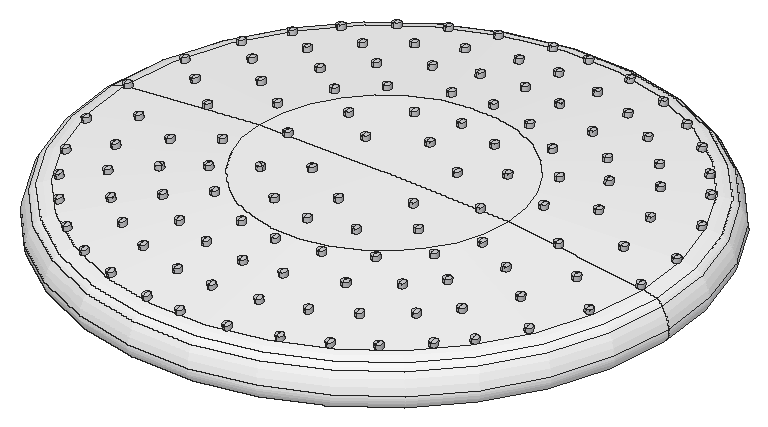
Revit family "Reece_Shower_GROHE_Tempesta_Overhead Shower_Round_250 mm", category Plumbing Fixtures, host Face, Revit 2018
Family settings
  Host = Face
  Round Connector Dimension = Use Diameter
  Part Type = Normal
  Cut with Voids When Loaded = No
  Shared = Yes
  Room Calculation Point = Yes
Parameters (values of type "Chrome")
  WFU = 0  # constant formula
  URL = "https://www.reece.com.au/product/-9507802"
  Type Comments = "Shower"
  Reece_Shower_Inlet = 12 mm  # constant formula
  Reece_Product_Web Page = "https://www.reece.com.au/product/-9507802"
  Reece_Product_Type = "Shower"  # constant formula
  Reece_Product_Sub Brand = "Tempesta"  # constant formula
  Reece_Product_Number = "9507802"
  Reece_Product_Mount = "Ceiling Mounted"
  Reece_Product_Description = "GROHE Tempesta 250mm Round Overhead Shower Chrome (3 Star)"
  Reece_Product_Brand = "GROHE"  # constant formula
  Reece_Overall_Height = 55 mm  # constant formula
  Reece_Overall_Diameter = 250 mm  # constant formula
  Reece_Material_Secondary = Reece_Plastic_White
  Reece_Material_Main [instance] = Reece_Brass_Chrome
  Reece_Detail_Shape = "Round"  # constant formula
  Reece_Detail_Disclaimer = "THIS FILE IS THE PROPERTY OF THE REECE GROUP. IT MAY NOT BE REPRODUCED, REVERSE-ENGINEERED OR MODIFIED. ANY REPUBLICATION, TRANSMISSION OR DISTRIBUTION FOR THE PURPOSE OF COMMERCIALLY EXPLOITING THE FILES IS PROHIBITED."  # constant formula
  Reece_Detail_Additional = "Shower Head"  # constant formula
  Model = "Tempesta"
  Manufacturer = "GROHE"
  Keynote = "Product #9507802, Reece_Shower_GROHE_Tempesta_Overhead Shower_Round_250 mm - Chrome"
  HWFU = 0  # constant formula
  Disclaimer = "THIS FILE IS THE PROPERTY OF THE REECE GROUP. IT MAY NOT BE REPRODUCED, REVERSE-ENGINEERED OR MODIFIED. ANY REPUBLICATION, TRANSMISSION OR DISTRIBUTION FOR THE PURPOSE OF COMMERCIALLY EXPLOITING THE FILES IS PROHIBITED."  # constant formula
  Description = "GROHE Tempesta 250mm Round Overhead Shower Chrome"
  Default Elevation = 0 mm
  CWFU = 0  # constant formula
Reference planes
  plane 1 "Center (Front/Back)": y = 0
  plane 2: z = 0
  plane 3 "Center (Left/Right)": x = 0
  plane 4: z = 55
  plane 5: x = -125
  plane 6: x = 125
  plane 7: y = 125
  plane 8: y = -125
Forms (mm)
  Revolve 1, solid, material "Reece_Brass_Chrome" <- "Reece_Material_Main"
    sketch origin (0, 0, -1.505) x (1, 0, 0) y (0, 0, 1)
      loop
        arc (-11.565, 8.765) -> (-12.012, 7.933) -> (-12.817, 7.437) r 1.818
        arc (-12.817, 7.437) -> (-13.166, 7.193) -> (-13.3, 6.789) r 0.676
        line (-13.3, 6.789) -> (-13.3, 2.005)
        arc (-13.3, 2.005) -> (-13.154, 1.652) -> (-12.8, 1.505) r 0.5
        line (-12.8, 1.505) -> (0, 1.505) -> (0, 54.715)
        arc (0, 54.715) -> (-27.286, 54.501) -> (-54.57, 54.184) r 7201.074
        arc (-54.57, 54.184) -> (-84.426, 52.531) -> (-114.039, 48.39) r 357.69
        arc (-114.039, 48.39) -> (-116.824, 47.699) -> (-119.501, 46.667) r 23.011
        arc (-119.501, 46.667) -> (-120.933, 45.752) -> (-122.061, 44.48) r 6.159
        arc (-122.061, 44.48) -> (-123.997, 40.648) -> (-124.974, 36.469) r 18.077
        arc (-124.974, 36.469) -> (-123.671, 31.885) -> (-119.53, 29.525) r 6.3
        arc (-119.53, 29.525) -> (-77.691, 25.356) -> (-35.674, 23.771) r 682.7
        arc (-35.674, 23.771) -> (-25.796, 19.948) -> (-20.936, 10.537) r 14.939
        arc (-20.936, 10.537) -> (-20.28, 9.272) -> (-18.949, 8.765) r 2
        line (-18.949, 8.765) -> (-11.565, 8.765)
      axis (0, 1.505) -> (0, 54.715)
    angle from 0 to 360
  Revolve 2, void
    sketch origin (0, 0, 0) x (1, 0, 0) y (0, 0, 1)
      loop
        line (0, 6.789) -> (0, -4.061) -> (6.485, -4.061) -> (6.485, 6.789) -> (0, 6.789)
      axis (0, 6.789) -> (0, -4.061)
    angle from 0 to 360
  Extrusion 3, void
    sketch origin (0, -0.312, 0) x (0, 1, 0) y (0, 0, 1)
      loop
        line (14.574, 7.26) -> (12.544, 7.26) -> (12.544, 0) -> (14.574, 0) -> (14.574, 7.26)
    from -14.392 to 23.591
  Extrusion 4, void
    sketch origin (0, 0.312, 0) x (0, -1, 0) y (0, 0, -1)
      loop
        line (14.574, -7.26) -> (14.574, 0) -> (12.544, 0) -> (12.544, -7.26) -> (14.574, -7.26)
    from -14.392 to 23.591
Cuts and joins
  Revolve 2, Extrusion 3, Extrusion 4 cuts Revolve 1
Text (mm)
  text "Reece Copyright © 2018, Reece Ltd." at (-684.407, -223.434, 0), in view "Ref. Level"
  text "Reece ©" at (290.323, 26.521, 334.836), in view "Reece_Preview"
Dimensions and locks
  "Reece_Overall_Height": plane 4 to plane 2
  equal spacing: plane 8, plane 1 "Center (Front/Back)", plane 7
  "Reece_Overall_Diameter": plane 8 to plane 7
  equal spacing: plane 5, plane 3 "Center (Left/Right)", plane 6
  "Reece_Overall_Diameter": plane 5 to plane 6
  aligned and locked: plane 2 to host face
  aligned and locked: level to host face
Automatic sketch dimensions
  host sketch curve to host sketch curve = 407.898 mm
  host sketch curve to host sketch curve = 410.737 mm
  Revolve 1 sketch curve to level = 0 mm
  Revolve 1 sketch curve to plane 3 "Center (Left/Right)" = 0 mm  (x2)
  Revolve 1 sketch curve to plane 3 "Center (Left/Right)" = 11.565 mm
  Revolve 1 sketch curve to Revolve 1 sketch curve = 1.059 mm
  level to Revolve 1 sketch curve = 0.5 mm
  Revolve 1 sketch curve to Revolve 1 sketch curve = 0.176 mm
  Revolve 1 sketch curve to Revolve 1 sketch curve = 1.771 mm
  Revolve 1 sketch curve to Revolve 1 sketch curve = 5.613 mm
  Revolve 1 sketch curve to plane 3 "Center (Left/Right)" = 30.951 mm
  level to Revolve 1 sketch curve = 7.327 mm
  Revolve 1 sketch curve to Revolve 1 sketch curve = 16.828 mm
  Revolve 1 sketch curve to plane 3 "Center (Left/Right)" = 49.738 mm
  plane 5 to Revolve 1 sketch curve = 17.992 mm
  Revolve 1 sketch curve to Revolve 1 sketch curve = 2.895 mm
  plane 5 to Revolve 1 sketch curve = 8.068 mm
  Revolve 1 sketch curve to Revolve 1 sketch curve = 1.781 mm
  plane 3 "Center (Left/Right)" to Revolve 1 sketch curve = 42.712 mm
  Revolve 1 sketch curve to level = 304.979 mm
  Revolve 1 sketch curve to Revolve 1 sketch curve = 6842.759 mm
  Revolve 1 sketch curve to Revolve 1 sketch curve = 4.784 mm
  Revolve 1 sketch curve to Revolve 1 sketch curve = 1.976 mm
  Revolve 1 sketch curve to Revolve 1 sketch curve = 0.414 mm
  Revolve 1 sketch curve to Revolve 1 sketch curve = 2 mm
  level to Revolve 1 sketch curve = 24.248 mm
  Revolve 1 sketch curve to Revolve 1 sketch curve = 8.717 mm
  Revolve 1 sketch curve to Revolve 1 sketch curve = 1.302 mm
  Revolve 1 sketch curve to Revolve 1 sketch curve = 5.297 mm
  Revolve 1 sketch curve to plane 4 = 1.791 mm
  plane 4 to Revolve 1 sketch curve = 649.949 mm
  Revolve 1 sketch curve to Revolve 1 sketch curve = 0 mm  (x7)
  Revolve 1 sketch curve to Revolve 1 sketch curve = 15.3 mm
  plane 4 to Revolve 1 sketch curve = 62.909 mm
  Revolve 2 sketch curve to plane 3 "Center (Left/Right)" = 0 mm  (x2)
  Revolve 2 sketch curve to level = 4.061 mm
  plane 3 "Center (Left/Right)" to Revolve 2 sketch curve = 6.485 mm
  level to Revolve 2 sketch curve = 6.789 mm
  Revolve 2 sketch curve to Revolve 2 sketch curve = 1.474 mm
  level to Revolve 2 sketch curve = 2.413 mm
  Extrusion 3 sketch curve to level = 0 mm
  Extrusion 3 sketch curve to plane 1 "Center (Front/Back)" = 12.232 mm
  Extrusion 3 sketch curve to Extrusion 3 sketch curve = 2.03 mm
  level to Extrusion 3 sketch curve = 7.26 mm
  Extrusion 4 sketch curve to level = 0 mm
  Extrusion 4 sketch curve to plane 1 "Center (Front/Back)" = 12.232 mm
  Extrusion 4 sketch curve to Extrusion 4 sketch curve = 2.03 mm
  Extrusion 4 sketch curve to Extrusion 4 sketch curve = 7.26 mm
Nested families
  nested 1: "Nib_nested" at (-0.059, 25.032, 53.017) x (1, 0, 0) z (0, 0.0094, 1), Reece_Material_Secondary <- "Reece_Material_Secondary", type "Nib_nested"
    with Reece_Material_Secondary Reece_Plastic_White
  nested 2: "Nib_nested" at (0.006, 42.396, 52.833) x (1, 0, 0) z (0, 0.0118, 0.9999), Reece_Material_Secondary <- "Reece_Material_Secondary", type "Nib_nested"
    with Reece_Material_Secondary Reece_Plastic_White
  nested 3: "Nib_nested" at (0.003, 59.918, 52.567) x (1, 0, 0) z (0, 0.0285, 0.9996), Reece_Material_Secondary <- "Reece_Material_Secondary", type "Nib_nested"
    with Reece_Material_Secondary Reece_Plastic_White
  nested 4: "Nib_nested" at (-0.191, 77.457, 51.636) x (1, 0, 0.0002) z (-0.0002, 0.0775, 0.997), Reece_Material_Secondary <- "Reece_Material_Secondary", type "Nib_nested"
    with Reece_Material_Secondary Reece_Plastic_White
  nested 5: "Nib_nested" at (0.378, 95.114, 49.821) x (1, -0.0001, -0.0005) z (0.0005, 0.1269, 0.9919), Reece_Material_Secondary <- "Reece_Material_Secondary", type "Nib_nested"
    with Reece_Material_Secondary Reece_Plastic_White
  nested 6: "Nib_nested" at (-0.045, 112.076, 47.237) x (1, 0, 0.0001) z (-0.0001, 0.1743, 0.9847), Reece_Material_Secondary <- "Reece_Material_Secondary", type "Nib_nested"
    with Reece_Material_Secondary Reece_Plastic_White
  nested 7: "Nib_nested" at (-0.059, -25.032, 53.017) x (1, 0, 0) z (0, -0.0094, 1), Reece_Material_Secondary <- "Reece_Material_Secondary", type "Nib_nested"
    with Reece_Material_Secondary Reece_Plastic_White
  nested 8: "Nib_nested" at (0.006, -42.396, 52.833) x (1, 0, 0) z (0, -0.0118, 0.9999), Reece_Material_Secondary <- "Reece_Material_Secondary", type "Nib_nested"
    with Reece_Material_Secondary Reece_Plastic_White
  nested 9: "Nib_nested" at (0.003, -59.918, 52.567) x (1, 0, 0) z (0, -0.0285, 0.9996), Reece_Material_Secondary <- "Reece_Material_Secondary", type "Nib_nested"
    with Reece_Material_Secondary Reece_Plastic_White
  nested 10: "Nib_nested" at (-0.191, -77.457, 51.636) x (1, 0, 0.0002) z (-0.0002, -0.0775, 0.997), Reece_Material_Secondary <- "Reece_Material_Secondary", type "Nib_nested"
    with Reece_Material_Secondary Reece_Plastic_White
  nested 11: "Nib_nested" at (0.378, -95.114, 49.821) x (1, 0.0001, -0.0005) z (0.0005, -0.1269, 0.9919), Reece_Material_Secondary <- "Reece_Material_Secondary", type "Nib_nested"
    with Reece_Material_Secondary Reece_Plastic_White
  nested 12: "Nib_nested" at (-0.045, -112.076, 47.237) x (1, 0, 0.0001) z (-0.0001, -0.1743, 0.9847), Reece_Material_Secondary <- "Reece_Material_Secondary", type "Nib_nested"
    with Reece_Material_Secondary Reece_Plastic_White
  nested 13: "Nib_nested" at (-19.797, 14.425, 53.022) x (1, 0, 0.0075) z (-0.0075, 0.0055, 1), Reece_Material_Secondary <- "Reece_Material_Secondary", type "Nib_nested"
    with Reece_Material_Secondary Reece_Plastic_White
  nested 14: "Nib_nested" at (20.461, 14.347, 53.022) x (-1, 0, 0.0075) z (0.0075, 0.0055, 1), Reece_Material_Secondary <- "Reece_Material_Secondary", type "Nib_nested"
    with Reece_Material_Secondary Reece_Plastic_White
  nested 15: "Nib_nested" at (-20.489, -14.119, 53.019) x (1, 0, 0.0077) z (-0.0077, -0.0053, 1), Reece_Material_Secondary <- "Reece_Material_Secondary", type "Nib_nested"
    with Reece_Material_Secondary Reece_Plastic_White
  nested 16: "Nib_nested" at (22.068, -11.871, 53.017) x (1, 0, -0.0083) z (0.0083, -0.0045, 1), Reece_Material_Secondary <- "Reece_Material_Secondary", type "Nib_nested"
    with Reece_Material_Secondary Reece_Plastic_White
  nested 17: "Nib_nested" at (34.583, 24.516, 52.833) x (1, -0.0001, -0.0096) z (0.0096, 0.0068, 0.9999), Reece_Material_Secondary <- "Reece_Material_Secondary", type "Nib_nested"
    with Reece_Material_Secondary Reece_Plastic_White
  nested 18: "Nib_nested" at (49.364, 34.458, 52.558) x (0.9997, -0.0004, -0.024) z (0.024, 0.0167, 0.9996), Reece_Material_Secondary <- "Reece_Material_Secondary", type "Nib_nested"
    with Reece_Material_Secondary Reece_Plastic_White
  nested 19: "Nib_nested" at (63.23, 44.268, 51.657) x (0.998, -0.0028, -0.0628) z (0.0629, 0.044, 0.9971), Reece_Material_Secondary <- "Reece_Material_Secondary", type "Nib_nested"
    with Reece_Material_Secondary Reece_Plastic_White
  nested 20: "Nib_nested" at (91.492, 64.676, 47.243) x (0.9898, -0.0144, -0.1415) z (0.1422, 0.1005, 0.9847), Reece_Material_Secondary <- "Reece_Material_Secondary", type "Nib_nested"
    with Reece_Material_Secondary Reece_Plastic_White
  nested 21: "Nib_nested" at (77.548, 54.415, 49.87) x (0.9947, -0.0075, -0.1027) z (0.103, 0.0723, 0.9921), Reece_Material_Secondary <- "Reece_Material_Secondary", type "Nib_nested"
    with Reece_Material_Secondary Reece_Plastic_White
  nested 22: "Nib_nested" at (34.583, -24.516, 52.833) x (1, 0.0001, -0.0096) z (0.0096, -0.0068, 0.9999), Reece_Material_Secondary <- "Reece_Material_Secondary", type "Nib_nested"
    with Reece_Material_Secondary Reece_Plastic_White
  nested 23: "Nib_nested" at (49.364, -34.458, 52.558) x (0.9997, 0.0004, -0.024) z (0.024, -0.0167, 0.9996), Reece_Material_Secondary <- "Reece_Material_Secondary", type "Nib_nested"
    with Reece_Material_Secondary Reece_Plastic_White
  nested 24: "Nib_nested" at (63.23, -44.268, 51.657) x (0.998, 0.0028, -0.0628) z (0.0629, -0.044, 0.9971), Reece_Material_Secondary <- "Reece_Material_Secondary", type "Nib_nested"
    with Reece_Material_Secondary Reece_Plastic_White
  nested 25: "Nib_nested" at (91.492, -64.676, 47.243) x (0.9898, 0.0144, -0.1415) z (0.1422, -0.1005, 0.9847), Reece_Material_Secondary <- "Reece_Material_Secondary", type "Nib_nested"
    with Reece_Material_Secondary Reece_Plastic_White
  nested 26: "Nib_nested" at (77.548, -54.415, 49.87) x (0.9947, 0.0075, -0.1027) z (0.103, -0.0723, 0.9921), Reece_Material_Secondary <- "Reece_Material_Secondary", type "Nib_nested"
    with Reece_Material_Secondary Reece_Plastic_White
  nested 27: "Nib_nested" at (-35.042, 24.225, 52.831) x (1, 0.0001, 0.0097) z (-0.0097, 0.0067, 0.9999), Reece_Material_Secondary <- "Reece_Material_Secondary", type "Nib_nested"
    with Reece_Material_Secondary Reece_Plastic_White
  nested 28: "Nib_nested" at (-63.457, 43.957, 51.656) x (0.998, 0.0028, 0.063) z (-0.0631, 0.0437, 0.997), Reece_Material_Secondary <- "Reece_Material_Secondary", type "Nib_nested"
    with Reece_Material_Secondary Reece_Plastic_White
  nested 29: "Nib_nested" at (-91.609, 63.953, 47.3) x (0.9899, 0.0142, 0.1414) z (-0.1421, 0.0992, 0.9849), Reece_Material_Secondary <- "Reece_Material_Secondary", type "Nib_nested"
    with Reece_Material_Secondary Reece_Plastic_White
  nested 30: "Nib_nested" at (-77.651, 54.669, 49.841) x (0.9946, 0.0076, 0.1031) z (-0.1034, 0.0728, 0.992), Reece_Material_Secondary <- "Reece_Material_Secondary", type "Nib_nested"
    with Reece_Material_Secondary Reece_Plastic_White
  nested 31: "Nib_nested" at (-49.524, 34.466, 52.554) x (0.9997, 0.0004, 0.0243) z (-0.0243, 0.0169, 0.9996), Reece_Material_Secondary <- "Reece_Material_Secondary", type "Nib_nested"
    with Reece_Material_Secondary Reece_Plastic_White
  nested 32: "Nib_nested" at (-35.042, -24.225, 52.831) x (-0.3532, -0.9355, -0.0097) z (-0.0097, -0.0067, 0.9999), Reece_Material_Secondary <- "Reece_Material_Secondary", type "Nib_nested"
    with Reece_Material_Secondary Reece_Plastic_White
  nested 33: "Nib_nested" at (-63.457, -43.957, 51.656) x (-0.3482, -0.9353, -0.063) z (-0.0631, -0.0437, 0.997), Reece_Material_Secondary <- "Reece_Material_Secondary", type "Nib_nested"
    with Reece_Material_Secondary Reece_Plastic_White
  nested 34: "Nib_nested" at (-91.609, -63.953, 47.3) x (0.9899, -0.0142, 0.1414) z (-0.1421, -0.0992, 0.9849), Reece_Material_Secondary <- "Reece_Material_Secondary", type "Nib_nested"
    with Reece_Material_Secondary Reece_Plastic_White
  nested 35: "Nib_nested" at (-77.651, -54.669, 49.841) x (0.9946, -0.0076, 0.1031) z (-0.1034, -0.0728, 0.992), Reece_Material_Secondary <- "Reece_Material_Secondary", type "Nib_nested"
    with Reece_Material_Secondary Reece_Plastic_White
  nested 36: "Nib_nested" at (-49.524, -34.466, 52.554) x (0.9997, -0.0004, 0.0243) z (-0.0243, -0.0169, 0.9996), Reece_Material_Secondary <- "Reece_Material_Secondary", type "Nib_nested"
    with Reece_Material_Secondary Reece_Plastic_White
  nested 37: "Nib_nested" at (17.997, 38.06, 52.836) x (1, -0.0001, -0.005) z (0.005, 0.0106, 0.9999), Reece_Material_Secondary <- "Reece_Material_Secondary", type "Nib_nested"
    with Reece_Material_Secondary Reece_Plastic_White
  nested 38: "Nib_nested" at (18.153, 57.125, 52.566) x (1, -0.0002, -0.0086) z (0.0086, 0.0272, 0.9996), Reece_Material_Secondary <- "Reece_Material_Secondary", type "Nib_nested"
    with Reece_Material_Secondary Reece_Plastic_White
  nested 39: "Nib_nested" at (34.953, 48.38, 52.573) x (0.9999, -0.0003, -0.0163) z (0.0163, 0.0225, 0.9996), Reece_Material_Secondary <- "Reece_Material_Secondary", type "Nib_nested"
    with Reece_Material_Secondary Reece_Plastic_White
  nested 40: "Nib_nested" at (16.181, 75.882, 51.626) x (0.9999, -0.0012, -0.0162) z (0.0162, 0.0761, 0.997), Reece_Material_Secondary <- "Reece_Material_Secondary", type "Nib_nested"
    with Reece_Material_Secondary Reece_Plastic_White
  nested 41: "Nib_nested" at (37.234, 67.684, 51.652) x (0.9993, -0.0025, -0.037) z (0.0371, 0.0674, 0.997), Reece_Material_Secondary <- "Reece_Material_Secondary", type "Nib_nested"
    with Reece_Material_Secondary Reece_Plastic_White
  nested 42: "Nib_nested" at (52.838, 56.371, 51.651) x (0.9986, -0.0028, -0.0525) z (0.0526, 0.0561, 0.997), Reece_Material_Secondary <- "Reece_Material_Secondary", type "Nib_nested"
    with Reece_Material_Secondary Reece_Plastic_White
  nested 43: "Nib_nested" at (19.207, 92.825, 49.863) x (0.9997, -0.0031, -0.0253) z (0.0255, 0.1233, 0.992), Reece_Material_Secondary <- "Reece_Material_Secondary", type "Nib_nested"
    with Reece_Material_Secondary Reece_Plastic_White
  nested 44: "Nib_nested" at (36.68, 87.626, 49.837) x (0.9988, -0.0057, -0.0485) z (0.0489, 0.1167, 0.992), Reece_Material_Secondary <- "Reece_Material_Secondary", type "Nib_nested"
    with Reece_Material_Secondary Reece_Plastic_White
  nested 45: "Nib_nested" at (52.397, 79.072, 49.854) x (0.9976, -0.0073, -0.0693) z (0.0697, 0.1051, 0.992), Reece_Material_Secondary <- "Reece_Material_Secondary", type "Nib_nested"
    with Reece_Material_Secondary Reece_Plastic_White
  nested 46: "Nib_nested" at (67.318, 66.737, 49.863) x (0.996, -0.008, -0.0891) z (0.0894, 0.0887, 0.992), Reece_Material_Secondary <- "Reece_Material_Secondary", type "Nib_nested"
    with Reece_Material_Secondary Reece_Plastic_White
  nested 47: "Nib_nested" at (19.372, 110.505, 47.217) x (0.9995, -0.0052, -0.0297) z (0.0301, 0.172, 0.9846), Reece_Material_Secondary <- "Reece_Material_Secondary", type "Nib_nested"
    with Reece_Material_Secondary Reece_Plastic_White
  nested 48: "Nib_nested" at (38.272, 105.133, 47.272) x (0.9982, -0.0097, -0.0586) z (0.0594, 0.1633, 0.9848), Reece_Material_Secondary <- "Reece_Material_Secondary", type "Nib_nested"
    with Reece_Material_Secondary Reece_Plastic_White
  nested 49: "Nib_nested" at (54.386, 97.772, 47.272) x (0.9964, -0.0129, -0.0835) z (0.0845, 0.1518, 0.9848), Reece_Material_Secondary <- "Reece_Material_Secondary", type "Nib_nested"
    with Reece_Material_Secondary Reece_Plastic_White
  nested 50: "Nib_nested" at (68.511, 88.621, 47.248) x (0.9943, -0.0148, -0.1055) z (0.1065, 0.1377, 0.9847), Reece_Material_Secondary <- "Reece_Material_Secondary", type "Nib_nested"
    with Reece_Material_Secondary Reece_Plastic_White
  nested 51: "Nib_nested" at (82.238, 75.69, 47.292) x (0.9918, -0.0151, -0.1267) z (0.1276, 0.1174, 0.9848), Reece_Material_Secondary <- "Reece_Material_Secondary", type "Nib_nested"
    with Reece_Material_Secondary Reece_Plastic_White
  nested 52: "Nib_nested" at (17.997, -38.06, 52.836) x (1, 0.0001, -0.005) z (0.005, -0.0106, 0.9999), Reece_Material_Secondary <- "Reece_Material_Secondary", type "Nib_nested"
    with Reece_Material_Secondary Reece_Plastic_White
  nested 53: "Nib_nested" at (18.153, -57.125, 52.566) x (1, 0.0002, -0.0086) z (0.0086, -0.0272, 0.9996), Reece_Material_Secondary <- "Reece_Material_Secondary", type "Nib_nested"
    with Reece_Material_Secondary Reece_Plastic_White
  nested 54: "Nib_nested" at (34.953, -48.38, 52.573) x (0.9999, 0.0003, -0.0163) z (0.0163, -0.0225, 0.9996), Reece_Material_Secondary <- "Reece_Material_Secondary", type "Nib_nested"
    with Reece_Material_Secondary Reece_Plastic_White
  nested 55: "Nib_nested" at (16.181, -75.882, 51.626) x (0.9999, 0.0012, -0.0162) z (0.0162, -0.0761, 0.997), Reece_Material_Secondary <- "Reece_Material_Secondary", type "Nib_nested"
    with Reece_Material_Secondary Reece_Plastic_White
  nested 56: "Nib_nested" at (37.234, -67.684, 51.652) x (0.9993, 0.0025, -0.037) z (0.0371, -0.0674, 0.997), Reece_Material_Secondary <- "Reece_Material_Secondary", type "Nib_nested"
    with Reece_Material_Secondary Reece_Plastic_White
  nested 57: "Nib_nested" at (52.838, -56.371, 51.651) x (0.9986, 0.0028, -0.0525) z (0.0526, -0.0561, 0.997), Reece_Material_Secondary <- "Reece_Material_Secondary", type "Nib_nested"
    with Reece_Material_Secondary Reece_Plastic_White
  nested 58: "Nib_nested" at (19.207, -92.825, 49.863) x (0.9997, 0.0031, -0.0253) z (0.0255, -0.1233, 0.992), Reece_Material_Secondary <- "Reece_Material_Secondary", type "Nib_nested"
    with Reece_Material_Secondary Reece_Plastic_White
  nested 59: "Nib_nested" at (36.68, -87.626, 49.837) x (0.9988, 0.0057, -0.0485) z (0.0489, -0.1167, 0.992), Reece_Material_Secondary <- "Reece_Material_Secondary", type "Nib_nested"
    with Reece_Material_Secondary Reece_Plastic_White
  nested 60: "Nib_nested" at (52.397, -79.072, 49.854) x (0.9976, 0.0073, -0.0693) z (0.0697, -0.1051, 0.992), Reece_Material_Secondary <- "Reece_Material_Secondary", type "Nib_nested"
    with Reece_Material_Secondary Reece_Plastic_White
  nested 61: "Nib_nested" at (67.318, -66.737, 49.863) x (0.996, 0.008, -0.0891) z (0.0894, -0.0887, 0.992), Reece_Material_Secondary <- "Reece_Material_Secondary", type "Nib_nested"
    with Reece_Material_Secondary Reece_Plastic_White
  nested 62: "Nib_nested" at (19.372, -110.505, 47.217) x (0.9995, 0.0052, -0.0297) z (0.0301, -0.172, 0.9846), Reece_Material_Secondary <- "Reece_Material_Secondary", type "Nib_nested"
    with Reece_Material_Secondary Reece_Plastic_White
  nested 63: "Nib_nested" at (38.272, -105.133, 47.272) x (0.9982, 0.0097, -0.0586) z (0.0594, -0.1633, 0.9848), Reece_Material_Secondary <- "Reece_Material_Secondary", type "Nib_nested"
    with Reece_Material_Secondary Reece_Plastic_White
  nested 64: "Nib_nested" at (54.386, -97.772, 47.272) x (0.9964, 0.0129, -0.0835) z (0.0845, -0.1518, 0.9848), Reece_Material_Secondary <- "Reece_Material_Secondary", type "Nib_nested"
    with Reece_Material_Secondary Reece_Plastic_White
  nested 65: "Nib_nested" at (68.511, -88.621, 47.248) x (0.9943, 0.0148, -0.1055) z (0.1065, -0.1377, 0.9847), Reece_Material_Secondary <- "Reece_Material_Secondary", type "Nib_nested"
    with Reece_Material_Secondary Reece_Plastic_White
  nested 66: "Nib_nested" at (82.238, -75.69, 47.292) x (0.9918, 0.0151, -0.1267) z (0.1276, -0.1174, 0.9848), Reece_Material_Secondary <- "Reece_Material_Secondary", type "Nib_nested"
    with Reece_Material_Secondary Reece_Plastic_White
  nested 67: "Nib_nested" at (42.039, 0.013, 52.837) x (0.9999, 0, -0.0118) z (0.0118, 0, 0.9999), Reece_Material_Secondary <- "Reece_Material_Secondary", type "Nib_nested"
    with Reece_Material_Secondary Reece_Plastic_White
  nested 68: "Nib_nested" at (57.557, 15.531, 52.575) x (0.9996, -0.0002, -0.0267) z (0.0267, 0.0072, 0.9996), Reece_Material_Secondary <- "Reece_Material_Secondary", type "Nib_nested"
    with Reece_Material_Secondary Reece_Plastic_White
  nested 69: "Nib_nested" at (57.159, -17.693, 52.569) x (0.9996, 0.0002, -0.027) z (0.027, -0.0083, 0.9996), Reece_Material_Secondary <- "Reece_Material_Secondary", type "Nib_nested"
    with Reece_Material_Secondary Reece_Plastic_White
  nested 70: "Nib_nested" at (73.074, 26.274, 51.62) x (0.9973, -0.0019, -0.0734) z (0.0734, 0.0264, 0.9969), Reece_Material_Secondary <- "Reece_Material_Secondary", type "Nib_nested"
    with Reece_Material_Secondary Reece_Plastic_White
  nested 71: "Nib_nested" at (77.053, -0.783, 51.667) x (0.9971, 0.0001, -0.0764) z (0.0764, -0.0008, 0.9971), Reece_Material_Secondary <- "Reece_Material_Secondary", type "Nib_nested"
    with Reece_Material_Secondary Reece_Plastic_White
  nested 72: "Nib_nested" at (73.261, -24.893, 51.642) x (0.9973, 0.0021, -0.0731) z (0.0732, -0.0249, 0.997), Reece_Material_Secondary <- "Reece_Material_Secondary", type "Nib_nested"
    with Reece_Material_Secondary Reece_Plastic_White
  nested 73: "Nib_nested" at (87.967, -35.21, 49.868) x (0.9932, 0.0068, -0.1166) z (0.1168, -0.0468, 0.992), Reece_Material_Secondary <- "Reece_Material_Secondary", type "Nib_nested"
    with Reece_Material_Secondary Reece_Plastic_White
  nested 74: "Nib_nested" at (94.322, -12.408, 49.819) x (0.9921, 0.0033, -0.1258) z (0.1258, -0.0166, 0.9919), Reece_Material_Secondary <- "Reece_Material_Secondary", type "Nib_nested"
    with Reece_Material_Secondary Reece_Plastic_White
  nested 75: "Nib_nested" at (93.737, 14.085, 49.863) x (0.9922, -0.0028, -0.1245) z (0.1246, 0.0187, 0.992), Reece_Material_Secondary <- "Reece_Material_Secondary", type "Nib_nested"
    with Reece_Material_Secondary Reece_Plastic_White
  nested 76: "Nib_nested" at (88.082, 35.846, 49.824) x (0.9931, -0.0063, -0.1173) z (0.1175, 0.0478, 0.9919), Reece_Material_Secondary <- "Reece_Material_Secondary", type "Nib_nested"
    with Reece_Material_Secondary Reece_Plastic_White
  nested 77: "Nib_nested" at (102.624, 45.814, 47.183) x (0.9871, -0.0116, -0.1595) z (0.1599, 0.0714, 0.9845), Reece_Material_Secondary <- "Reece_Material_Secondary", type "Nib_nested"
    with Reece_Material_Secondary Reece_Plastic_White
  nested 78: "Nib_nested" at (101.308, -47.324, 47.283) x (0.9876, 0.0117, -0.1568) z (0.1572, -0.0735, 0.9848), Reece_Material_Secondary <- "Reece_Material_Secondary", type "Nib_nested"
    with Reece_Material_Secondary Reece_Plastic_White
  nested 79: "Nib_nested" at (109.201, -24.171, 47.278) x (0.9855, 0.0065, -0.1694) z (0.1695, -0.0375, 0.9848), Reece_Material_Secondary <- "Reece_Material_Secondary", type "Nib_nested"
    with Reece_Material_Secondary Reece_Plastic_White
  nested 80: "Nib_nested" at (110.254, 22.398, 47.161) x (0.9851, -0.0061, -0.1719) z (0.172, 0.0349, 0.9845), Reece_Material_Secondary <- "Reece_Material_Secondary", type "Nib_nested"
    with Reece_Material_Secondary Reece_Plastic_White
  nested 81: "Nib_nested" at (112.095, 0.56, 47.234) x (0.9847, -0.0002, -0.1743) z (0.1743, 0.0009, 0.9847), Reece_Material_Secondary <- "Reece_Material_Secondary", type "Nib_nested"
    with Reece_Material_Secondary Reece_Plastic_White
  nested 82: "Nib_nested" at (-17.612, 38.573, 52.833) x (1, 0.0001, 0.0049) z (-0.0049, 0.0108, 0.9999), Reece_Material_Secondary <- "Reece_Material_Secondary", type "Nib_nested"
    with Reece_Material_Secondary Reece_Plastic_White
  nested 83: "Nib_nested" at (-36.674, 47.289, 52.569) x (0.9999, 0.0004, 0.0173) z (-0.0173, 0.0223, 0.9996), Reece_Material_Secondary <- "Reece_Material_Secondary", type "Nib_nested"
    with Reece_Material_Secondary Reece_Plastic_White
  nested 84: "Nib_nested" at (-16.593, 57.572, 52.567) x (1, 0.0002, 0.0079) z (-0.0079, 0.0273, 0.9996), Reece_Material_Secondary <- "Reece_Material_Secondary", type "Nib_nested"
    with Reece_Material_Secondary Reece_Plastic_White
  nested 85: "Nib_nested" at (-50.329, 58.706, 51.646) x (0.9987, 0.0029, 0.0501) z (-0.0502, 0.0586, 0.997), Reece_Material_Secondary <- "Reece_Material_Secondary", type "Nib_nested"
    with Reece_Material_Secondary Reece_Plastic_White
  nested 86: "Nib_nested" at (-34.452, 69.338, 51.638) x (0.9994, 0.0024, 0.0344) z (-0.0344, 0.0693, 0.997), Reece_Material_Secondary <- "Reece_Material_Secondary", type "Nib_nested"
    with Reece_Material_Secondary Reece_Plastic_White
  nested 87: "Nib_nested" at (-18.1, 75.101, 51.652) x (0.9998, 0.0014, 0.018) z (-0.018, 0.0748, 0.997), Reece_Material_Secondary <- "Reece_Material_Secondary", type "Nib_nested"
    with Reece_Material_Secondary Reece_Plastic_White
  nested 88: "Nib_nested" at (-64.742, 69.001, 49.885) x (0.9963, 0.0079, 0.0855) z (-0.0859, 0.0915, 0.9921), Reece_Material_Secondary <- "Reece_Material_Secondary", type "Nib_nested"
    with Reece_Material_Secondary Reece_Plastic_White
  nested 89: "Nib_nested" at (-50.877, 80.106, 49.849) x (0.9977, 0.0073, 0.0673) z (-0.0677, 0.1066, 0.992), Reece_Material_Secondary <- "Reece_Material_Secondary", type "Nib_nested"
    with Reece_Material_Secondary Reece_Plastic_White
  nested 90: "Nib_nested" at (-35.221, 88.248, 49.834) x (0.9989, 0.0057, 0.0466) z (-0.0469, 0.1176, 0.992), Reece_Material_Secondary <- "Reece_Material_Secondary", type "Nib_nested"
    with Reece_Material_Secondary Reece_Plastic_White
  nested 91: "Nib_nested" at (-15.901, 93.644, 49.838) x (0.9998, 0.0027, 0.021) z (-0.0212, 0.1247, 0.992), Reece_Material_Secondary <- "Reece_Material_Secondary", type "Nib_nested"
    with Reece_Material_Secondary Reece_Plastic_White
  nested 92: "Nib_nested" at (-80.947, 77.395, 47.252) x (0.9921, 0.0153, 0.1249) z (-0.1258, 0.1203, 0.9847), Reece_Material_Secondary <- "Reece_Material_Secondary", type "Nib_nested"
    with Reece_Material_Secondary Reece_Plastic_White
  nested 93: "Nib_nested" at (-66.906, 90.513, 47.152) x (0.9945, 0.0147, 0.1034) z (-0.1044, 0.1412, 0.9845), Reece_Material_Secondary <- "Reece_Material_Secondary", type "Nib_nested"
    with Reece_Material_Secondary Reece_Plastic_White
  nested 94: "Nib_nested" at (-15.179, 111.335, 47.186) x (0.9997, 0.0041, 0.0233) z (-0.0237, 0.1735, 0.9846), Reece_Material_Secondary <- "Reece_Material_Secondary", type "Nib_nested"
    with Reece_Material_Secondary Reece_Plastic_White
  nested 95: "Nib_nested" at (-34.991, 106.242, 47.276) x (0.9985, 0.009, 0.0536) z (-0.0543, 0.1649, 0.9848), Reece_Material_Secondary <- "Reece_Material_Secondary", type "Nib_nested"
    with Reece_Material_Secondary Reece_Plastic_White
  nested 96: "Nib_nested" at (-51.747, 99.865, 47.167) x (0.9967, 0.0124, 0.0797) z (-0.0807, 0.1557, 0.9845), Reece_Material_Secondary <- "Reece_Material_Secondary", type "Nib_nested"
    with Reece_Material_Secondary Reece_Plastic_White
  nested 97: "Nib_nested" at (-17.612, -38.573, 52.833) x (1, -0.0001, 0.0049) z (-0.0049, -0.0108, 0.9999), Reece_Material_Secondary <- "Reece_Material_Secondary", type "Nib_nested"
    with Reece_Material_Secondary Reece_Plastic_White
  nested 98: "Nib_nested" at (-36.674, -47.289, 52.569) x (0.9999, -0.0004, 0.0173) z (-0.0173, -0.0223, 0.9996), Reece_Material_Secondary <- "Reece_Material_Secondary", type "Nib_nested"
    with Reece_Material_Secondary Reece_Plastic_White
  nested 99: "Nib_nested" at (-16.593, -57.572, 52.567) x (1, -0.0002, 0.0079) z (-0.0079, -0.0273, 0.9996), Reece_Material_Secondary <- "Reece_Material_Secondary", type "Nib_nested"
    with Reece_Material_Secondary Reece_Plastic_White
  nested 100: "Nib_nested" at (-50.329, -58.706, 51.646) x (0.9987, -0.0029, 0.0501) z (-0.0502, -0.0586, 0.997), Reece_Material_Secondary <- "Reece_Material_Secondary", type "Nib_nested"
    with Reece_Material_Secondary Reece_Plastic_White
  nested 101: "Nib_nested" at (-34.452, -69.338, 51.638) x (0.9994, -0.0024, 0.0344) z (-0.0344, -0.0693, 0.997), Reece_Material_Secondary <- "Reece_Material_Secondary", type "Nib_nested"
    with Reece_Material_Secondary Reece_Plastic_White
  nested 102: "Nib_nested" at (-18.1, -75.101, 51.652) x (0.9998, -0.0014, 0.018) z (-0.018, -0.0748, 0.997), Reece_Material_Secondary <- "Reece_Material_Secondary", type "Nib_nested"
    with Reece_Material_Secondary Reece_Plastic_White
  nested 103: "Nib_nested" at (-64.742, -69.001, 49.885) x (0.9963, -0.0079, 0.0855) z (-0.0859, -0.0915, 0.9921), Reece_Material_Secondary <- "Reece_Material_Secondary", type "Nib_nested"
    with Reece_Material_Secondary Reece_Plastic_White
  nested 104: "Nib_nested" at (-50.877, -80.106, 49.849) x (0.9977, -0.0073, 0.0673) z (-0.0677, -0.1066, 0.992), Reece_Material_Secondary <- "Reece_Material_Secondary", type "Nib_nested"
    with Reece_Material_Secondary Reece_Plastic_White
  nested 105: "Nib_nested" at (-35.221, -88.248, 49.834) x (0.9989, -0.0057, 0.0466) z (-0.0469, -0.1176, 0.992), Reece_Material_Secondary <- "Reece_Material_Secondary", type "Nib_nested"
    with Reece_Material_Secondary Reece_Plastic_White
  nested 106: "Nib_nested" at (-15.901, -93.644, 49.838) x (0.9998, -0.0027, 0.021) z (-0.0212, -0.1247, 0.992), Reece_Material_Secondary <- "Reece_Material_Secondary", type "Nib_nested"
    with Reece_Material_Secondary Reece_Plastic_White
  nested 107: "Nib_nested" at (-80.947, -77.395, 47.252) x (0.9921, -0.0153, 0.1249) z (-0.1258, -0.1203, 0.9847), Reece_Material_Secondary <- "Reece_Material_Secondary", type "Nib_nested"
    with Reece_Material_Secondary Reece_Plastic_White
  nested 108: "Nib_nested" at (-66.906, -90.513, 47.152) x (0.9945, -0.0147, 0.1034) z (-0.1044, -0.1412, 0.9845), Reece_Material_Secondary <- "Reece_Material_Secondary", type "Nib_nested"
    with Reece_Material_Secondary Reece_Plastic_White
  nested 109: "Nib_nested" at (-15.179, -111.335, 47.186) x (0.9997, -0.0041, 0.0233) z (-0.0237, -0.1735, 0.9846), Reece_Material_Secondary <- "Reece_Material_Secondary", type "Nib_nested"
    with Reece_Material_Secondary Reece_Plastic_White
  nested 110: "Nib_nested" at (-34.991, -106.242, 47.276) x (0.9985, -0.009, 0.0536) z (-0.0543, -0.1649, 0.9848), Reece_Material_Secondary <- "Reece_Material_Secondary", type "Nib_nested"
    with Reece_Material_Secondary Reece_Plastic_White
  nested 111: "Nib_nested" at (-51.747, -99.865, 47.167) x (0.9967, -0.0124, 0.0797) z (-0.0807, -0.1557, 0.9845), Reece_Material_Secondary <- "Reece_Material_Secondary", type "Nib_nested"
    with Reece_Material_Secondary Reece_Plastic_White
  nested 112: "Nib_nested" at (-42.466, 0.101, 52.832) x (0.9999, 0, 0.0118) z (-0.0118, 0, 0.9999), Reece_Material_Secondary <- "Reece_Material_Secondary", type "Nib_nested"
    with Reece_Material_Secondary Reece_Plastic_White
  nested 113: "Nib_nested" at (-57.501, -16.911, 52.566) x (0.9996, -0.0002, 0.0274) z (-0.0274, -0.008, 0.9996), Reece_Material_Secondary <- "Reece_Material_Secondary", type "Nib_nested"
    with Reece_Material_Secondary Reece_Plastic_White
  nested 114: "Nib_nested" at (-58.391, 14.443, 52.56) x (0.9996, 0.0002, 0.0283) z (-0.0283, 0.007, 0.9996), Reece_Material_Secondary <- "Reece_Material_Secondary", type "Nib_nested"
    with Reece_Material_Secondary Reece_Plastic_White
  nested 115: "Nib_nested" at (-72.578, -26.88, 51.641) x (0.9974, -0.0021, 0.0725) z (-0.0725, -0.0269, 0.997), Reece_Material_Secondary <- "Reece_Material_Secondary", type "Nib_nested"
    with Reece_Material_Secondary Reece_Plastic_White
  nested 116: "Nib_nested" at (-77.596, -0.066, 51.625) x (0.997, 0, 0.0779) z (-0.0779, -0.0001, 0.997), Reece_Material_Secondary <- "Reece_Material_Secondary", type "Nib_nested"
    with Reece_Material_Secondary Reece_Plastic_White
  nested 117: "Nib_nested" at (-73.617, 24.326, 51.63) x (0.9973, 0.0021, 0.0737) z (-0.0738, 0.0244, 0.997), Reece_Material_Secondary <- "Reece_Material_Secondary", type "Nib_nested"
    with Reece_Material_Secondary Reece_Plastic_White
  nested 118: "Nib_nested" at (-86.734, -39.05, 49.821) x (0.9933, -0.0061, 0.1155) z (-0.1157, -0.0521, 0.9919), Reece_Material_Secondary <- "Reece_Material_Secondary", type "Nib_nested"
    with Reece_Material_Secondary Reece_Plastic_White
  nested 119: "Nib_nested" at (-87.772, 37.068, 49.801) x (0.9931, 0.0058, 0.1171) z (-0.1173, 0.0495, 0.9919), Reece_Material_Secondary <- "Reece_Material_Secondary", type "Nib_nested"
    with Reece_Material_Secondary Reece_Plastic_White
  nested 120: "Nib_nested" at (-94.173, 13.887, 49.812) x (0.9921, 0.0023, 0.1257) z (-0.1257, 0.0185, 0.9919), Reece_Material_Secondary <- "Reece_Material_Secondary", type "Nib_nested"
    with Reece_Material_Secondary Reece_Plastic_White
  nested 121: "Nib_nested" at (-92.962, -18.463, 49.864) x (0.9923, -0.0031, 0.1235) z (-0.1235, -0.0245, 0.992), Reece_Material_Secondary <- "Reece_Material_Secondary", type "Nib_nested"
    with Reece_Material_Secondary Reece_Plastic_White
  nested 122: "Nib_nested" at (-100.876, -48.672, 47.25) x (0.9876, -0.012, 0.1563) z (-0.1568, -0.0756, 0.9847), Reece_Material_Secondary <- "Reece_Material_Secondary", type "Nib_nested"
    with Reece_Material_Secondary Reece_Plastic_White
  nested 123: "Nib_nested" at (-100.921, 47.811, 47.309) x (0.9877, 0.0117, 0.156) z (-0.1565, 0.0741, 0.9849), Reece_Material_Secondary <- "Reece_Material_Secondary", type "Nib_nested"
    with Reece_Material_Secondary Reece_Plastic_White
  nested 124: "Nib_nested" at (-108.288, 25.973, 47.364) x (0.9859, 0.0068, 0.1674) z (-0.1675, 0.0402, 0.985), Reece_Material_Secondary <- "Reece_Material_Secondary", type "Nib_nested"
    with Reece_Material_Secondary Reece_Plastic_White
  nested 125: "Nib_nested" at (-108.814, -27.437, 47.212) x (0.9856, -0.0073, 0.1692) z (-0.1694, -0.0427, 0.9846), Reece_Material_Secondary <- "Reece_Material_Secondary", type "Nib_nested"
    with Reece_Material_Secondary Reece_Plastic_White
  nested 126: "Nib_nested" at (-112.761, 0.189, 47.116) x (0.9844, 0.0001, 0.1762) z (-0.1762, 0.0003, 0.9844), Reece_Material_Secondary <- "Reece_Material_Secondary", type "Nib_nested"
    with Reece_Material_Secondary Reece_Plastic_White
Connectors
  piping at (0, 0, 6.789), diameter 12, driven by "Reece_Shower_Inlet"
    settings: on cut or joined group of Revolve 1, Revolve 2, Extrusion 3, Extrusion 4, index 2, connector inside diameter 609.6 mm, connector length 0 mm, flow factor 0, pipe flow 0.0 L/s, pressure drop 0.0 Pa, fitting loss kfactor 0, connector angle 0.00°, fixture units 0, engagement length 0 mm, angle of deflection 0.00°, flow configuration 0, flow direction 1, fitting loss method 0, system type 29, joint type 0, gender type 0, connector reference index -1, connector utility 0, adjustable connector no, is connector primary yes, connector description ""
Definition of nested family "Nib_nested"
  Parameters (values of type "Nib_nested")
    Reece_Material_Secondary [instance] = none
    Default Elevation = 0 mm
  Reference planes
    plane 1 "Center (Front/Back)": y = 0
    plane 2: z = 0
    plane 3 "Center (Left/Right)": x = 0
  Forms (mm)
    Extrusion 1, solid
      sketch origin (0, 0, 0) x (1, 0, 0) y (0, 1, 0)
        loop
          line (-9.945, 8.653) -> (-9.945, -8.495) -> (9.512, -8.495) -> (9.512, 8.653) -> (-9.945, 8.653)
      from 0 to -2
    Revolve 2, solid, material <- "Reece_Material_Secondary", detail levels fine
      sketch origin (0, -226.111, 0) x (0, 1, 0) y (0, 0, 1)
        loop
          line (227.698, 0) -> (227.698, 1.638)
          arc (227.698, 1.638) -> (227.077, 2.001) -> (226.363, 2.089) r 1.783
          line (226.363, 2.089) -> (226.363, 0) -> (227.698, 0)
        axis (226.111, 0) -> (226.111, 2.089)
      angle from 0 to 360
  Text (mm)
    text "Reece ©" at (671.782, -497.484, 486.721), in view "Reece_Preview"
  Dimensions and locks
    aligned and locked: plane 2 to Extrusion 1
    aligned and locked: level to Extrusion 1
